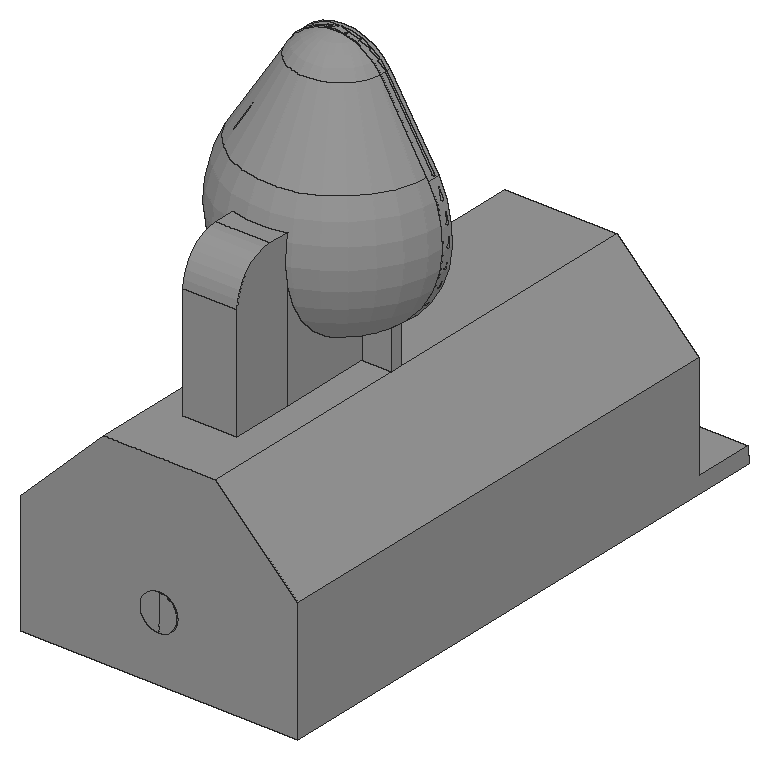
Revit family "Combination-Willoughby-ECF-1847-R-C-ON", category Plumbing Fixtures, Revit 2015
Parameters (values of type "Standard")
  Waste DIA = 2 3/8"
  Waste Connection = yes
  Vent Connection = no
  URL = "https://www.willoughby-ind.com/wp-content/uploads/2017/12/1847.pdf"
  Type Comments = ""
  Revision = "A"
  Lav Waste DIA = 1 1/2"
  Lav Waste Connection = yes
  HW Connection = no
  Flush Inlet DIA = 1 1/2"
  Flush Inlet Connection = yes
  Fixture Body = Stainless Steel AISI 304-Willoughby
  Model = "ECF-1847-R-C-ON"
  Manufacturer = "Willoughby Industries"
  Description = "1847 Combination Unit, Floor toilet waste outlet, Center toilet, Right Lav. Bowl, On Floor mounted"
  Default Elevation = 0' - 0"
  Contact = "(800) 428-4065"
  CW Connection = no
Reference planes (in)
  plane 1 "Center (Front/Back)": y = 0
  plane 2: z = 0
  plane 3 "Center (Left/Right)": x = 0
  plane 4: x = 3.59375
  plane 5: x = -3.59375
  plane 6: x = 9
  plane 7: x = -9
  plane 8: z = 7.9375
  plane 9: z = 13.25
  plane 10: z = 1.0625
  plane 11: x = -6.375
  plane 12: x = 2.25
  plane 13: y = 14.99123
  plane 14: y = 20.5
  plane 15: y = 24.5
  plane 16 "Floor Waste": z = 4.25
  plane 17: z = 25.3231
  plane 18: z = 30.1981
  plane 19: x = 3
  plane 20: x = -3
Forms (in)
  Extrusion 1, solid, material "Stainless Steel AISI 304-Willoughby" <- "Fixture Body"
    sketch origin (0, 0, 0) x (1, 0, 0) y (0, 0, 1)
      loop
        line (9, 0) -> (9, 7.9375) -> (3.6875, 13.25) -> (-3.59375, 13.25) -> (-9, 7.84375) -> (-9, 0) -> (9, 0)
    from 0 to -32.5
  Extrusion 2, solid, material "Stainless Steel AISI 304-Willoughby" <- "Fixture Body"
    sketch origin (0, 0, 0) x (1, 0, 0) y (0, 0, 1)
      loop
        line (9, 0) -> (9, 1.0625) -> (-9, 1.0625) -> (-9, 0) -> (9, 0)
    from -32.5 to -36.5
  Extrusion 3, void
    sketch origin (0, 0, 0) x (1, 0, 0) y (0, 0, 1)
      loop
        line (8.03033, 7.1394) -> (2.55026, 12.61861)
        arc (2.55026, 12.61861) -> (2.40417, 12.71659) -> (2.23166, 12.75101) r 0.44955
        line (2.23166, 12.75101) -> (0.18776, 12.75101)
        arc (0.18776, 12.75101) -> (-0.69647, 12.38474) -> (-1.06274, 11.50051) r 1.2505
        line (-1.06274, 11.50051) -> (-1.06274, 4.92717)
        arc (-1.06274, 4.92717) -> (-0.94854, 4.35308) -> (-0.62332, 3.86639) r 1.50011
        line (-0.62332, 3.86639) -> (0.06911, 3.1742)
        arc (0.06911, 3.1742) -> (0.6082, 2.81399) -> (1.24411, 2.6875) r 1.66169
        line (1.24411, 2.6875) -> (6.75, 2.6875)
        arc (6.75, 2.6875) -> (7.81066, 3.12684) -> (8.25, 4.1875) r 1.5
        line (8.25, 4.1875) -> (8.25, 6.60907)
        arc (8.25, 6.60907) -> (8.19291, 6.89609) -> (8.03033, 7.1394) r 0.75
    from -32.5 to -27
  Revolve 4, solid, material "Stainless Steel AISI 304-Willoughby" <- "Fixture Body"
    sketch origin (0, 20.5, -12.68404) x (0, 0, -1) y (-1, 0, 0)
      loop
        line (-12.68299, 6.375) -> (-14.18404, 6.375) -> (-14.18404, 5.625) -> (-12.68299, 5.625) -> (-12.68299, 6.375)
      axis (-12.68299, 6.375) -> (-14.18404, 6.375)
    angle from 0 to 360
  Revolve 5, solid, material "Stainless Steel AISI 304-Willoughby" <- "Fixture Body"
    sketch origin (0, 24.5, -7.01223) x (0, 0, -1) y (-1, 0, 0)
      loop
        line (-4.00576, -2.25) -> (-8.00576, -2.25) -> (-8.00576, -3) -> (-4.00576, -3) -> (-4.00576, -2.25)
      axis (-4.00576, -2.25) -> (-8.00576, -2.25)
    angle from 0 to 360
  Revolve 6, solid, material "Stainless Steel AISI 304-Willoughby" <- "Fixture Body"
    sketch origin (0, 0, 0) x (0, 1, 0) y (0, 0, 1)
      loop
        line (-0.04473, 4.25) -> (-0.04473, 3.0625) -> (2, 3.0625) -> (2, 4.25) -> (-0.04473, 4.25)
      axis (-0.04473, 4.25) -> (2, 4.25)
    angle from 0 to 360
  Revolve 7, solid, material "Stainless Steel AISI 304-Willoughby" <- "Fixture Body"
    sketch origin (0, 14.74123, 9.06435) x (0, 0, -1) y (-1, 0, 0)
      loop
        arc (-16.25875, -6.02566) -> (-9.22764, -6.08019) -> (-5.69625, 0) r 7
        line (-5.69625, 0) -> (-6.19625, 0)
        arc (-6.19625, 0) -> (-9.4731, -5.64458) -> (-15.99973, -5.59794) r 6.5
        line (-15.99973, -5.59794) -> (-20.8721, -2.57392)
        arc (-20.8721, -2.57392) -> (-21.91777, -1.47245) -> (-22.28998, 0) r 3
        line (-22.28998, 0) -> (-22.79, 0)
        arc (-22.79, 0) -> (-22.35472, -1.71553) -> (-21.13577, -2.99875) r 3.5
        line (-21.13577, -2.99875) -> (-16.25875, -6.02566)
      axis (-22.79, 0) -> (-5.69625, 0)
    angle from 0 to 180
  Extrusion 8, solid, material "Stainless Steel AISI 304-Willoughby" <- "Fixture Body"
    sketch origin (0, 14.74123, 8.84926) x (0, 0, -1) y (-1, 0, 0)
      loop
        arc (-16.31246, -6.11221) -> (-11.15584, -6.77641) -> (-6.96698, -3.69657) r 6.99024
        line (-6.96698, -3.69657) -> (-4.40074, -3.69657) -> (-4.40074, 3.65625) -> (-6.9421, 3.65625)
        arc (-6.9421, 3.65625) -> (-11.2049, 6.78845) -> (-16.44046, 6.03277) r 6.98205
        line (-16.44046, 6.03277) -> (-21.4104, 2.94819)
        arc (-21.4104, 2.94819) -> (-23.00527, 0) -> (-21.4104, -2.94819) r 3.52237
        line (-21.4104, -2.94819) -> (-16.31246, -6.11221)
      loop
        line (-20.34476, -1.63051) -> (-15.05004, -3.88749)
        arc (-15.05004, -3.88749) -> (-8.1517, 0) -> (-15.05004, 3.88749) r 4.54455
        line (-15.05004, 3.88749) -> (-20.34476, 1.63051)
        arc (-20.34476, 1.63051) -> (-21.22494, 0) -> (-20.34476, -1.63051) r 1.95034
    from 0.25 to -0.5
  Extrusion 9, solid, material "Stainless Steel AISI 304-Willoughby" <- "Fixture Body"
    sketch origin (0, 14.99123, 14.2606) x (0, 1, 0) y (0, 0, 1)
      loop
        line (-6.77192, 9.05193) -> (-8.17415, 9.05193)
        arc (-8.17415, 9.05193) -> (-10.09199, 8.25753) -> (-10.88639, 6.33969) r 2.71224
        line (-10.88639, 6.33969) -> (-10.88639, -1.0106) -> (-6.77192, -1.0106) -> (-6.77192, 9.05193)
    from 1.75 to -1.75
  Extrusion 10, solid, material "Stainless Steel AISI 304-Willoughby" <- "Fixture Body"
    sketch origin (0, 14.99123, 14.2606) x (0, 1, 0) y (0, 0, 1)
      loop
        line (-6.77192, -1.0106) -> (-0.75, -1.0106) -> (-0.75, 0.82799)
        arc (-0.75, 0.82799) -> (-4.5139, 2.48885) -> (-6.77192, 5.92785) r 7.26374
        line (-6.77192, 5.92785) -> (-6.77192, -1.0106)
    from 1.75 to -1.75
Cuts and joins
  Extrusion 3 cuts Extrusion 1
  joined: Extrusion 1, Extrusion 2
Lines and regions (in)
  symbolic lines
    curve 1: line (0, 32.5, 13.25) -> (0, 0, 13.25)
    curve 2: line (0, 0, 13.25) -> (0, 0, 0)
    curve 3: line (0, 0, 0) -> (0, 36.5, 0)
    curve 4: line (0, 36.5, 0) -> (0, 36.5, 1.0625)
    curve 5: line (0, 36.5, 1.0625) -> (0, 32.5, 1.0625)
    curve 6: line (0, 32.5, 1.0625) -> (0, 32.5, 13.25)
    curve 7: line (-3.59375, 0, 13.25) -> (-9, 0, 7.84375)
    curve 8: line (-9, 0, 7.84375) -> (-9, 0, 0)
    curve 9: line (-9, 0, 0) -> (9, 0, 0)
    curve 10: line (9, 0, 0) -> (9, 0, 7.9375)
    curve 11: line (9, 0, 7.9375) -> (3.6875, 0, 13.25)
    curve 12: line (3.6875, 0, 13.25) -> (-3.59375, 0, 13.25)
    curve 13: line (3.6875, 0, 13.25) -> (3.6875, 0, 15.55787)
    curve 14: arc (3.6875, 0, 15.55787) -> (6.88728, 0, 19.95426) -> (6.02566, 0, 25.3231) r 7.07985
    curve 15: line (6.02566, 0, 25.3231) -> (3.53025, 0, 29.34375)
    curve 16: line (3.53025, 0, 29.34375) -> (2.99875, 0, 30.20012)
    curve 17: arc (2.99875, 0, 30.20012) -> (0, 0, 31.86832) -> (-2.99875, 0, 30.20012) r 3.52937
    curve 18: line (-2.99875, 0, 30.20012) -> (-6.02566, 0, 25.3231)
    curve 19: arc (-6.02566, 0, 25.3231) -> (-6.87574, 0, 19.98112) -> (-3.65625, 0, 15.63437) r 6.98398
    curve 20: line (-3.65625, 0, 15.63437) -> (-3.65625, 0, 13.26432)
    curve 21: line (8.03033, 0, 7.1394) -> (2.55025, 0, 12.61948)
    curve 22: arc (2.55025, 0, 12.61948) -> (2.40408, 0, 12.71703) -> (2.23166, 0, 12.75101) r 0.44906
    curve 23: line (2.23166, 0, 12.75101) -> (0.18776, 0, 12.75101)
    curve 24: arc (0.18776, 0, 12.75101) -> (-0.69647, 0, 12.38474) -> (-1.06274, 0, 11.50051) r 1.2505
    curve 25: line (-1.06274, 0, 11.50051) -> (-1.06274, 0, 4.92717)
    curve 26: arc (-1.06274, 0, 4.92717) -> (-0.94855, 0, 4.3531) -> (-0.62336, 0, 3.86643) r 1.50011
    curve 27: line (-0.62336, 0, 3.86643) -> (0.08378, 0, 3.15928)
    curve 28: arc (0.08378, 0, 3.15928) -> (0.61622, 0, 2.80602) -> (1.24411, 0, 2.6875) r 1.61124
    curve 29: line (1.24411, 0, 2.6875) -> (6.75, 0, 2.6875)
    curve 30: arc (6.75, 0, 2.6875) -> (7.81066, 0, 3.12684) -> (8.25, 0, 4.1875) r 1.5
    curve 31: line (8.25, 0, 4.1875) -> (8.25, 0, 6.60907)
    curve 32: arc (8.25, 0, 6.60907) -> (8.19291, 0, 6.89609) -> (8.03033, 0, 7.1394) r 0.75
    curve 33: line (3.6875, 0, 13.25) -> (3.6875, 0, 15.81062)
    curve 34: line (0, 4.10484, 13.25) -> (0, 4.10484, 20.60029)
    curve 35: arc (0, 4.10484, 20.60029) -> (0, 4.89924, 22.51813) -> (0, 6.81708, 23.31253) r 2.71224
    curve 36: line (0, 6.81708, 23.31253) -> (0, 8.16239, 23.31253)
    curve 37: arc (0, 8.16239, 23.31253) -> (0, 7.97443, 21.63188) -> (0, 8.22092, 19.95881) r 6.58179
    curve 38: arc (0, 8.22092, 19.95881) -> (0, 10.45529, 16.54122) -> (0, 14.24123, 15.01185) r 6.82194
    curve 39: line (0, 14.24123, 15.01185) -> (0, 14.24123, 13.25)
    curve 40: line (0, 14.99123, 13.25) -> (0, 14.99123, 31.85452)
    curve 41: line (0, 14.99123, 31.85452) -> (0, 14.24123, 31.85452)
    curve 42: arc (0, 14.24123, 31.85452) -> (0, 12.93445, 31.35966) -> (0, 11.88402, 30.43817) r 3.92303
    curve 43: line (0, 11.88402, 30.43817) -> (0, 8.71557, 25.3231)
    curve 44: arc (0, 8.71557, 25.3231) -> (0, 8.22344, 24.35254) -> (0, 7.90325, 23.31253) r 6.38582
    curve 45: line (-9, 0, 0) -> (-9, 36.5, 0)
    curve 46: line (-9, 36.5, 0) -> (9, 36.5, 0)
    curve 47: line (9, 36.5, 0) -> (9, 0, 0)
    curve 48: line (9, 0, 0) -> (-9, 0, 0)
    curve 49: line (-9, 32.5, 0) -> (9, 32.5, 0)
    curve 50: line (-6.99724, 14.99123, 0) -> (6.99885, 14.99123, 0)
    curve 51: arc (6.99885, 14.24123, 0) -> (4.74781, 9.63923, 0) -> (0, 7.7147, 0) r 7.16901
    curve 52: arc (0, 7.7147, 0) -> (-4.74939, 9.63698, 0) -> (-6.99724, 14.24123, 0) r 7.15796
    curve 53: line (-6.99724, 14.24123, 0) -> (-6.99724, 14.99123, 0)
    curve 54: line (6.99885, 14.99123, 0) -> (6.99885, 14.24123, 0)
    curve 55: line (-1.75, 7.96556, 0) -> (-1.75, 4.10484, 0)
    curve 56: line (-1.75, 4.10484, 0) -> (1.75, 4.10484, 0)
    curve 57: line (1.75, 4.10484, 0) -> (1.75, 7.96732, 0)
Dimensions and locks (in)
  equal spacing: plane 4, plane 3 "Center (Left/Right)", plane 5
  plane 4 to plane 5 = 0' - 7 3/16"
  equal spacing: plane 6, plane 3 "Center (Left/Right)", plane 7
  plane 6 to plane 7 = 1' - 6"
  plane 6 to plane 3 "Center (Left/Right)" = 0' - 9"
  level to plane 9 = 1' - 1 1/4"
  level to plane 8 = 0' - 7 15/16"
  plane 6 to plane 12 = 0' - 6 3/4"
  plane 13 to plane 1 "Center (Front/Back)" = 1' - 2.99123"
  plane 14 to plane 1 "Center (Front/Back)" = 1' - 8 1/2"
  plane 15 to plane 1 "Center (Front/Back)" = 2' - 0 1/2"
  plane 1 "Center (Front/Back)" to plane 14 = 1' - 8 1/2"
  locked: plane 1 "Center (Front/Back)" to plane 15 at 24.5
  locked: plane 1 "Center (Front/Back)" to plane 13 at 14.99123
  locked: plane 1 "Center (Front/Back)" to cut or joined group of Extrusion 1, Extrusion 2, Extrusion 3 at 32.5
  locked: cut or joined group of Extrusion 1, Extrusion 2, Extrusion 3 to plane 1 "Center (Front/Back)" at 36.5
  locked: plane 7 to plane 6 at 18
  locked: plane 7 to plane 11 at 2.625
  plane 7 to plane 3 "Center (Left/Right)" = 0' - 9"
  locked: plane 12 to plane 6 at 6.75
  plane 19 to plane 20 = 0' - 6"
  aligned and locked: plane 6 to Extrusion 2
  aligned and locked: Extrusion 2 to plane 10
  aligned and locked: Extrusion 2 to plane 7
  aligned and locked: Extrusion 2 to level
  aligned and locked: Revolve 6 sketch curve to Revolve 6 sketch curve  (x2)
Automatic sketch dimensions
  Extrusion 1 sketch curve to level = 0' - 0"
  Extrusion 1 sketch curve to plane 7 = 0' - 0"
  Extrusion 1 sketch curve to plane 5 = 0' - 0"
  Extrusion 1 sketch curve to plane 9 = 0' - 0"
  Extrusion 1 sketch curve to plane 6 = 0' - 0"
  Extrusion 1 sketch curve to plane 8 = 0' - 0"
  plane 4 to Extrusion 1 sketch curve = 0' - 0 3/32"
  Extrusion 1 sketch curve to plane 8 = 0' - 0 3/32"
  Extrusion 2 sketch curve to level = 0' - 0"
  Extrusion 2 sketch curve to plane 7 = 0' - 0"
  Extrusion 2 sketch curve to plane 6 = 0' - 0"
  Extrusion 2 sketch curve to plane 10 = 0' - 0"
  Extrusion 3 sketch curve to plane 3 "Center (Left/Right)" = 0' - 1.06274"
  plane 16 "Floor Waste" to Extrusion 3 sketch curve = 0' - 0.38361"
  Extrusion 3 sketch curve to plane 3 "Center (Left/Right)" = 0' - 0.62332"
  plane 3 "Center (Left/Right)" to Extrusion 3 sketch curve = 0' - 0.06911"
  plane 3 "Center (Left/Right)" to Extrusion 3 sketch curve = 0' - 0.18776"
  plane 3 "Center (Left/Right)" to Extrusion 3 sketch curve = 0' - 0.43738"
  Extrusion 3 sketch curve to plane 16 "Floor Waste" = 0' - 0.09919"
  Extrusion 3 sketch curve to Extrusion 3 sketch curve = 0' - 0.80673"
  Extrusion 3 sketch curve to plane 12 = 0' - 0.01834"
  plane 12 to Extrusion 3 sketch curve = 0' - 0.30026"
  Extrusion 3 sketch curve to plane 6 = 0' - 2 1/4"
  Extrusion 3 sketch curve to plane 6 = 0' - 1 1/2"
  Extrusion 3 sketch curve to Extrusion 3 sketch curve = 0' - 0.53033"
  Extrusion 3 sketch curve to Extrusion 3 sketch curve = 0' - 0.21967"
  Extrusion 3 sketch curve to Extrusion 3 sketch curve = 0' - 0.69219"
  Extrusion 3 sketch curve to plane 8 = 0' - 1.32843"
  Extrusion 3 sketch curve to plane 9 = 0' - 1.74949"
  Extrusion 3 sketch curve to Extrusion 3 sketch curve = 0' - 0.44955"
  Revolve 4 sketch curve to plane 11 = 0' - 0"  (x2)
  Revolve 4 sketch curve to plane 10 = 0' - 0 7/16"
  plane 11 to Revolve 4 sketch curve = 0' - 0 3/4"
  Revolve 4 sketch curve to level = 0' - 0.00105"
  Revolve 4 sketch curve to Revolve 4 sketch curve = 0' - 0"
  Revolve 4 sketch curve to Revolve 4 sketch curve = 0' - 2.49895"
  Revolve 5 sketch curve to plane 12 = 0' - 0"  (x2)
  plane 10 to Revolve 5 sketch curve = 0' - 0.06897"
  Revolve 5 sketch curve to plane 4 = 0' - 0 19/32"
  Revolve 5 sketch curve to level = 0' - 3.00647"
  Revolve 5 sketch curve to Revolve 5 sketch curve = 0' - 0.50647"  (x2)
  plane 16 "Floor Waste" to Revolve 6 sketch curve = 0' - 0"
  plane 1 "Center (Front/Back)" to Revolve 6 sketch curve = 0' - 0.04473"
  Revolve 6 sketch curve to plane 1 "Center (Front/Back)" = 0' - 2"
  Revolve 6 sketch curve to Revolve 6 sketch curve = 0' - 1 3/16"
  Revolve 6 sketch curve to Revolve 6 sketch curve = 0' - 0"
  Revolve 7 sketch curve to Revolve 7 sketch curve = 0' - 0"  (x6)
  Revolve 7 sketch curve to plane 3 "Center (Left/Right)" = 0' - 0"  (x3)
  Revolve 7 sketch curve to plane 17 = 0' - 0"
  plane 3 "Center (Left/Right)" to Revolve 7 sketch curve = 0' - 0.02495"
  Revolve 7 sketch curve to plane 18 = 0' - 1.84366"
  Revolve 7 sketch curve to plane 18 = 0' - 0.26165"
  plane 18 to Revolve 7 sketch curve = 0' - 0.00202"
  plane 18 to Revolve 7 sketch curve = 0' - 1 5/32"
  Revolve 7 sketch curve to Revolve 7 sketch curve = 0' - 0 1/2"  (x2)
  Revolve 7 sketch curve to plane 17 = 0' - 0.25901"
  Revolve 7 sketch curve to plane 17 = 0' - 3 9/16"
  plane 9 to Revolve 7 sketch curve = 0' - 2.0106"
  Extrusion 8 sketch curve to plane 3 "Center (Left/Right)" = 0' - 0"  (x3)
  plane 9 to Extrusion 8 sketch curve = 0' - 0"
  Extrusion 8 sketch curve to plane 5 = 0' - 0 1/16"
  Extrusion 8 sketch curve to Extrusion 8 sketch curve = 0' - 2.54136"
  plane 4 to Extrusion 8 sketch curve = 0' - 0.10282"
  Extrusion 8 sketch curve to Extrusion 8 sketch curve = 0' - 2.56624"
  Extrusion 8 sketch curve to Extrusion 8 sketch curve = 0' - 5.75415"
  Extrusion 8 sketch curve to plane 3 "Center (Left/Right)" = 0' - 0.01519"
  Extrusion 8 sketch curve to Extrusion 8 sketch curve = 0' - 0.20334"
  plane 3 "Center (Left/Right)" to Extrusion 8 sketch curve = 0' - 0.00861"
  Extrusion 8 sketch curve to Extrusion 8 sketch curve = 0' - 0.00561"
  plane 4 to Extrusion 8 sketch curve = 0' - 0.29374"
  Extrusion 8 sketch curve to Extrusion 8 sketch curve = 0' - 2.14484"
  Extrusion 8 sketch curve to plane 5 = 0' - 0.29374"
  plane 4 to Extrusion 8 sketch curve = 0' - 2.51846"
  plane 11 to Extrusion 8 sketch curve = 0' - 0.34223"
  Extrusion 8 sketch curve to Extrusion 8 sketch curve = 0' - 4.22456"
  Extrusion 8 sketch curve to Extrusion 8 sketch curve = 0' - 0.2083"
  Extrusion 8 sketch curve to plane 3 "Center (Left/Right)" = 0' - 1.63051"
  Extrusion 8 sketch curve to Extrusion 8 sketch curve = 0' - 0.86186"
  Extrusion 8 sketch curve to plane 12 = 0' - 0.61949"
  plane 5 to Extrusion 8 sketch curve = 0' - 0.64556"
  Extrusion 8 sketch curve to Extrusion 8 sketch curve = 0' - 1.06564"
  Extrusion 8 sketch curve to plane 4 = 0' - 0.64556"
  plane 9 to Extrusion 9 sketch curve = 0' - 0"
  Extrusion 9 sketch curve to plane 14 = 1' - 4.39516"
  Extrusion 9 sketch curve to plane 15 = 1' - 5.68292"
  Extrusion 9 sketch curve to plane 15 = 1' - 4.28069"
  plane 9 to Extrusion 9 sketch curve = 0' - 7.35029"
  plane 9 to Extrusion 10 sketch curve = 0' - 0"
  Extrusion 10 sketch curve to plane 15 = 1' - 4.28069"
  Extrusion 10 sketch curve to plane 15 = 0' - 10.25877"
  Extrusion 10 sketch curve to plane 15 = 0' - 9.32836"
  Extrusion 10 sketch curve to Extrusion 10 sketch curve = 0' - 1.83859"
  Extrusion 10 sketch curve to Extrusion 10 sketch curve = 0' - 6.93845"
  curve 7 to plane 7 = 0' - 0"
  curve 7 to plane 5 = 0' - 0"
  curve 17 to plane 3 "Center (Left/Right)" = 0' - 0"
  curve 33 to plane 9 = 0' - 0"
  curve 11 to plane 6 = 0' - 0"
  curve 9 to level = 0' - 0"
  curve 11 to plane 8 = 0' - 0"
  plane 11 to curve 18 = 0' - 0.34934"
  curve 20 to plane 5 = 0' - 0 1/16"
  plane 5 to curve 18 = 0' - 0.595"
  curve 25 to plane 3 "Center (Left/Right)" = 0' - 1.06274"
  plane 16 "Floor Waste" to curve 27 = 0' - 0.38357"
  curve 27 to plane 3 "Center (Left/Right)" = 0' - 0.62336"
  curve 19 to plane 3 "Center (Left/Right)" = 0' - 0.09168"
  plane 3 "Center (Left/Right)" to curve 14 = 0' - 0.00204"
  plane 3 "Center (Left/Right)" to curve 27 = 0' - 0.08378"
  plane 3 "Center (Left/Right)" to curve 24 = 0' - 0.18776"
  plane 3 "Center (Left/Right)" to curve 26 = 0' - 0.43738"
  curve 28 to plane 16 "Floor Waste" = 0' - 0.0486"
  curve 26 to curve 28 = 0' - 0.78572"
  curve 29 to plane 12 = 0' - 1.00589"
  curve 23 to plane 12 = 0' - 0.01834"
  curve 22 to plane 12 = 0' - 0.01728"
  plane 12 to curve 21 = 0' - 0.30025"
  curve 16 to plane 4 = 0' - 0.595"
  curve 15 to plane 4 = 0' - 0.0635"
  plane 4 to curve 13 = 0' - 0 3/32"
  plane 4 to curve 15 = 0' - 2.43191"
  curve 29 to plane 6 = 0' - 2 1/4"
  curve 32 to plane 6 = 0' - 1 1/2"
  curve 32 to curve 21 = 0' - 0.53033"
  plane 16 "Floor Waste" to curve 31 = 0' - 0 1/16"
  curve 31 to plane 6 = 0' - 0 3/4"
  curve 32 to plane 8 = 0' - 1.32843"
  curve 8 to plane 8 = 0' - 0 3/32"
  curve 24 to plane 9 = 0' - 1.74949"
  curve 22 to curve 22 = 0' - 0.44906"
  curve 11 to curve 13 = 0' - 2.30787"
  plane 9 to curve 20 = 0' - 2.38437"
  curve 20 to curve 14 = 0' - 5.96847"
  curve 14 to curve 19 = 0' - 0.03734"
  curve 19 to curve 17 = 0' - 6.69877"
  curve 17 to curve 16 = 0' - 1.0048"
  curve 17 to curve 18 = 0' - 1.86117"
  plane 9 to curve 20 = 0' - 0.01432"
  curve 14 to curve 33 = 0' - 0.25275"
  curve 1 to plane 1 "Center (Front/Back)" = 0' - 0"
  curve 34 to plane 9 = 0' - 0"
  curve 41 to plane 13 = 0' - 0"
  plane 10 to curve 6 = 0' - 0"
  curve 4 to level = 0' - 0"
  curve 34 to plane 1 "Center (Front/Back)" = 0' - 4.10484"
  curve 34 to curve 35 = 0' - 2.71224"
  curve 36 to curve 36 = 0' - 1.3453"
  curve 43 to plane 13 = 0' - 3.10721"
  curve 44 to plane 13 = 0' - 0.84696"
  curve 41 to plane 13 = 0' - 0 3/4"
  curve 39 to plane 13 = 0' - 0 3/4"
  curve 37 to plane 13 = 0' - 0.43602"
  curve 38 to plane 13 = 0' - 0.20489"
  curve 42 to plane 13 = 0' - 0.03626"
  plane 15 to curve 6 = 0' - 8"
  curve 5 to curve 4 = 0' - 4"
  curve 39 to curve 39 = 0' - 1.76185"
  plane 9 to curve 34 = 0' - 7.35029"
  curve 37 to curve 36 = 0' - 1.56578"
  curve 37 to curve 38 = 0' - 0.06524"
  curve 37 to curve 44 = 0' - 0.21363"
  curve 44 to curve 42 = 0' - 6.03659"
  curve 42 to curve 43 = 0' - 2.44121"
  curve 44 to curve 36 = 0' - 0.25914"
  curve 37 to curve 43 = 0' - 0.55318"
  plane 1 "Center (Front/Back)" to curve 45 = 0' - 0"
  curve 45 to plane 7 = 0' - 0"
  curve 53 to plane 13 = 0' - 0"
  curve 52 to plane 3 "Center (Left/Right)" = 0' - 0"
  curve 46 to plane 6 = 0' - 0"
  curve 53 to plane 11 = 0' - 0.62224"
  curve 55 to plane 3 "Center (Left/Right)" = 0' - 1 3/4"
  curve 51 to plane 13 = 0' - 0.10892"
  curve 51 to plane 3 "Center (Left/Right)" = 0' - 0.14144"
  plane 3 "Center (Left/Right)" to curve 52 = 0' - 0.13292"
  curve 55 to plane 1 "Center (Front/Back)" = 0' - 4.10484"
  curve 53 to curve 50 = 0' - 0 3/4"
  curve 54 to curve 50 = 0' - 0 3/4"
  plane 15 to curve 46 = 1' - 0"
  curve 57 to plane 12 = 0' - 0 1/2"
  curve 52 to curve 57 = 0' - 0.25262"
  curve 49 to curve 46 = 0' - 4"
Connectors (in)
  piping at (-6.375, 20.5, -0.00105), diameter 1.5, driven by "Flush Inlet DIA", driven by "Flush Inlet Connection"
    settings: on Revolve 4, index 2, connector inside diameter 24", connector length 0' - 0", flow factor 0, pipe flow 0 GPM, pressure drop 0.00 psi, fitting loss kfactor 0, connector angle 0.00°, fixture units 0, engagement length 0' - 0", angle of deflection 0.00°, flow configuration 0, flow direction 1, fitting loss method 0, system type 20, joint type 0, gender type 0, connector reference index -1, connector utility 1, adjustable connector no, is connector primary yes, connector description "Flush inlet"
  piping at (2.25, 24.5, -3.00647), diameter 1.5, driven by "Lav Waste DIA", driven by "Lav Waste Connection"
    settings: on Revolve 5, index 3, connector inside diameter 24", connector length 0' - 0", flow factor 0, pipe flow 0 GPM, pressure drop 0.00 psi, fitting loss kfactor 0, connector angle 0.00°, fixture units 0, engagement length 0' - 0", angle of deflection 0.00°, flow configuration 0, flow direction 2, fitting loss method 0, system type 16, joint type 0, gender type 0, connector reference index -1, connector utility 1, adjustable connector no, is connector primary no, connector description "Sink Waste"
  piping at (0, -0.04473, 4.25), diameter 2.375, driven by "Waste Connection", driven by "Waste DIA"
    settings: on Revolve 6, index 4, connector inside diameter 24", connector length 0' - 0", flow factor 0, pipe flow 1.28 GPM, pressure drop 0.00 psi, fitting loss kfactor 0, connector angle 0.00°, fixture units 0, engagement length 0' - 0", angle of deflection 0.00°, flow configuration 0, flow direction 2, fitting loss method 0, system type 16, joint type 0, gender type 0, connector reference index -1, connector utility 1, adjustable connector no, is connector primary no, connector description "Toilet Waste"
